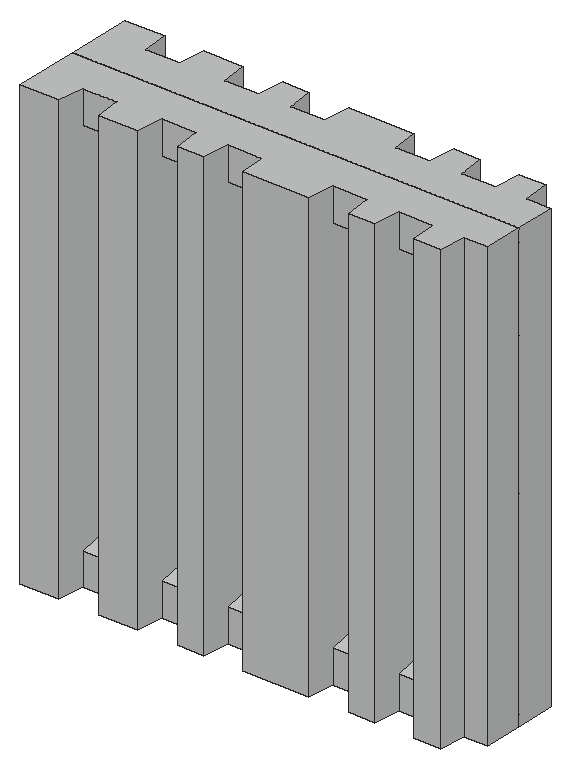
Revit family "SARINNO", category Curtain Panels, Revit 2019
Family settings
  OmniClass Number = 23.25.20.14.11.11.17
  OmniClass Title = Infill Panels
  Always vertical = Yes
  Cut with Voids When Loaded = No
  Shared = No
Parameters
  Material en Concreto = Concreto ladrillo
Reference planes (m)
  plane 1 "Centro (Frontal/Posterior)": y = 0
  plane 2: z = 0
  plane 3 "Centro (Izquierda/Derecha)": x = 0
  plane 4 "Izquierda": x = -1.5
  plane 5 "Derecha": x = 1.5
  plane 6 "Parte superior": z = 4
Forms (m)
  Extrusion 1, solid, material "Concreto ladrillo"
    sketch origin (0, -0.05, 0) x (1, 0, 0) y (0, 1, 0)
      loop
        line (0, 0.1) -> (0, 0.05) -> (0.34, 0.05) -> (0.34, 0.08) -> (0.322, 0.08) -> (0.32, 0.1) -> (0.3, 0.1) -> (0.298, 0.08) -> (0.272, 0.08) -> (0.27, 0.1) -> (0.25, 0.1) -> (0.248, 0.08) -> (0.222, 0.08) -> (0.22, 0.1) -> (0.17, 0.1) -> (0.168, 0.08) -> (0.142, 0.08) -> (0.14, 0.1) -> (0.12, 0.1) -> (0.118, 0.08) -> (0.092, 0.08) -> (0.09, 0.1) -> (0.06, 0.1) -> (0.058, 0.08) -> (0.032, 0.08) -> (0.03, 0.1) -> (0, 0.1)
    from 0 to 0.34
  Blend 2, void
    base sketch origin (-0.000313, 0.05, 0) x (1, 0, 0) y (0, 0, -1)
      loop
        line (0.035373, -0.305) -> (0.055373, -0.305) -> (0.055373, -0.035) -> (0.035373, -0.035) -> (0.035373, -0.305)
    top sketch origin (-0.000313, 0.05, 0) x (1, 0, 0) y (0, 0, -1)
      loop
        line (0.032373, -0.315) -> (0.058373, -0.315) -> (0.058373, -0.025) -> (0.032373, -0.025) -> (0.032373, -0.315)
    from -0.05 to -0.02
  Blend 3, void
    base sketch origin (0.059687, 0.05, 0) x (1, 0, 0) y (0, 0, -1)
      loop
        line (0.035373, -0.305) -> (0.055373, -0.305) -> (0.055373, -0.035) -> (0.035373, -0.035) -> (0.035373, -0.305)
    top sketch origin (0.059687, 0.05, 0) x (1, 0, 0) y (0, 0, -1)
      loop
        line (0.032373, -0.315) -> (0.058373, -0.315) -> (0.058373, -0.025) -> (0.032373, -0.025) -> (0.032373, -0.315)
    from -0.05 to -0.02
  Blend 4, void
    base sketch origin (0.109687, 0.05, 0) x (1, 0, 0) y (0, 0, -1)
      loop
        line (0.035373, -0.305) -> (0.055373, -0.305) -> (0.055373, -0.035) -> (0.035373, -0.035) -> (0.035373, -0.305)
    top sketch origin (0.109687, 0.05, 0) x (1, 0, 0) y (0, 0, -1)
      loop
        line (0.032373, -0.315) -> (0.058373, -0.315) -> (0.058373, -0.025) -> (0.032373, -0.025) -> (0.032373, -0.315)
    from -0.05 to -0.02
  Blend 5, void
    base sketch origin (0.189687, 0.05, 0) x (1, 0, 0) y (0, 0, -1)
      loop
        line (0.035373, -0.305) -> (0.055373, -0.305) -> (0.055373, -0.035) -> (0.035373, -0.035) -> (0.035373, -0.305)
    top sketch origin (0.189687, 0.05, 0) x (1, 0, 0) y (0, 0, -1)
      loop
        line (0.032373, -0.315) -> (0.058373, -0.315) -> (0.058373, -0.025) -> (0.032373, -0.025) -> (0.032373, -0.315)
    from -0.05 to -0.02
  Blend 6, void
    base sketch origin (0.239687, 0.05, 0) x (1, 0, 0) y (0, 0, -1)
      loop
        line (0.035373, -0.305) -> (0.055373, -0.305) -> (0.055373, -0.035) -> (0.035373, -0.035) -> (0.035373, -0.305)
    top sketch origin (0.239687, 0.05, 0) x (1, 0, 0) y (0, 0, -1)
      loop
        line (0.032373, -0.315) -> (0.058373, -0.315) -> (0.058373, -0.025) -> (0.032373, -0.025) -> (0.032373, -0.315)
    from -0.05 to -0.02
  Extrusion 7, solid, material "Concreto ladrillo"
    sketch origin (0, 0.05, 0) x (1, 0, 0) y (0, 1, 0)
      loop
        line (0, -0.1) -> (0.03, -0.1) -> (0.032, -0.08) -> (0.058, -0.08) -> (0.06, -0.1) -> (0.09, -0.1) -> (0.092, -0.08) -> (0.118, -0.08) -> (0.12, -0.1) -> (0.14, -0.1) -> (0.142, -0.08) -> (0.168, -0.08) -> (0.17, -0.1) -> (0.22, -0.1) -> (0.222, -0.08) -> (0.248, -0.08) -> (0.25, -0.1) -> (0.27, -0.1) -> (0.272, -0.08) -> (0.298, -0.08) -> (0.3, -0.1) -> (0.32, -0.1) -> (0.322, -0.08) -> (0.34, -0.08) -> (0.34, -0.05) -> (0, -0.05) -> (0, -0.1)
    from 0 to 0.34
  Blend 8, void
    base sketch origin (-0.000313, -0.05, 0) x (1, 0, 0) y (0, 0, 1)
      loop
        line (0.035373, 0.305) -> (0.035373, 0.035) -> (0.055373, 0.035) -> (0.055373, 0.305) -> (0.035373, 0.305)
    top sketch origin (-0.000313, -0.05, 0) x (1, 0, 0) y (0, 0, 1)
      loop
        line (0.032373, 0.315) -> (0.032373, 0.025) -> (0.058373, 0.025) -> (0.058373, 0.315) -> (0.032373, 0.315)
    from -0.05 to -0.02
  Blend 9, void
    base sketch origin (0.059687, -0.05, 0) x (1, 0, 0) y (0, 0, 1)
      loop
        line (0.035373, 0.305) -> (0.035373, 0.035) -> (0.055373, 0.035) -> (0.055373, 0.305) -> (0.035373, 0.305)
    top sketch origin (0.059687, -0.05, 0) x (1, 0, 0) y (0, 0, 1)
      loop
        line (0.032373, 0.315) -> (0.032373, 0.025) -> (0.058373, 0.025) -> (0.058373, 0.315) -> (0.032373, 0.315)
    from -0.05 to -0.02
  Blend 10, void
    base sketch origin (0.109687, -0.05, 0) x (1, 0, 0) y (0, 0, 1)
      loop
        line (0.035373, 0.305) -> (0.035373, 0.035) -> (0.055373, 0.035) -> (0.055373, 0.305) -> (0.035373, 0.305)
    top sketch origin (0.109687, -0.05, 0) x (1, 0, 0) y (0, 0, 1)
      loop
        line (0.032373, 0.315) -> (0.032373, 0.025) -> (0.058373, 0.025) -> (0.058373, 0.315) -> (0.032373, 0.315)
    from -0.05 to -0.02
  Blend 11, void
    base sketch origin (0.189687, -0.05, 0) x (1, 0, 0) y (0, 0, 1)
      loop
        line (0.035373, 0.305) -> (0.035373, 0.035) -> (0.055373, 0.035) -> (0.055373, 0.305) -> (0.035373, 0.305)
    top sketch origin (0.189687, -0.05, 0) x (1, 0, 0) y (0, 0, 1)
      loop
        line (0.032373, 0.315) -> (0.032373, 0.025) -> (0.058373, 0.025) -> (0.058373, 0.315) -> (0.032373, 0.315)
    from -0.05 to -0.02
  Blend 12, void
    base sketch origin (0.239687, -0.05, 0) x (1, 0, 0) y (0, 0, 1)
      loop
        line (0.035373, 0.305) -> (0.035373, 0.035) -> (0.055373, 0.035) -> (0.055373, 0.305) -> (0.035373, 0.305)
    top sketch origin (0.239687, -0.05, 0) x (1, 0, 0) y (0, 0, 1)
      loop
        line (0.032373, 0.315) -> (0.032373, 0.025) -> (0.058373, 0.025) -> (0.058373, 0.315) -> (0.032373, 0.315)
    from -0.05 to -0.02
Cuts and joins
  Blend 2, Blend 3, Blend 4, Blend 5, Blend 6, Blend 8 cuts Extrusion 1
  Blend 8, Blend 9, Blend 10, Blend 11, Blend 12 cuts Extrusion 7
Text (m)
  text "Exterior" at (-2.45384, 1.416179, 0), in view "Nivel de referencia"
  text "Exterior" at (0, 2.290741, 4.406713), in view "Izquierda"
  text "Exterior" at (0, 1.328187, 4.120349), in view "Derecha"
Dimensions and locks (m)
  equal spacing: plane 4 "Izquierda", plane 3 "Centro (Izquierda/Derecha)", plane 5 "Derecha"
  aligned and locked: level to plane 2
Automatic sketch dimensions
  Extrusion 1 sketch curve to plane 3 "Centro (Izquierda/Derecha)" = 0.000 m
  Extrusion 1 sketch curve to Extrusion 1 sketch curve = 0.030 m  (x3)
  Extrusion 1 sketch curve to Extrusion 1 sketch curve = 0.002 m  (x11)
  Extrusion 1 sketch curve to Extrusion 1 sketch curve = 0.026 m  (x5)
  Extrusion 1 sketch curve to Extrusion 1 sketch curve = 0.020 m  (x7)
  Extrusion 1 sketch curve to plane 1 "Centro (Frontal/Posterior)" = 0.050 m  (x2)
  Extrusion 1 sketch curve to Extrusion 1 sketch curve = 0.050 m
  Extrusion 1 sketch curve to plane 1 "Centro (Frontal/Posterior)" = 0.030 m  (x4)
  Extrusion 1 sketch curve to Extrusion 1 sketch curve = 0.018 m
  Extrusion 1 sketch curve to Extrusion 1 sketch curve = 0.000 m  (x2)
  plane 3 "Centro (Izquierda/Derecha)" to Blend 2 sketch curve = 0.035061 m
  Blend 2 sketch curve to Blend 2 sketch curve = 0.020 m
  level to Blend 2 sketch curve = 0.305 m
  level to Blend 2 sketch curve = 0.035 m
  plane 3 "Centro (Izquierda/Derecha)" to Blend 2 sketch curve = 0.032061 m
  Blend 2 sketch curve to Blend 2 sketch curve = 0.026 m
  level to Blend 2 sketch curve = 0.315 m
  level to Blend 2 sketch curve = 0.025 m
  level to Blend 3 sketch curve = 0.035 m
  plane 3 "Centro (Izquierda/Derecha)" to Blend 3 sketch curve = 0.095061 m
  Blend 3 sketch curve to Blend 3 sketch curve = 0.020 m
  Blend 3 sketch curve to Blend 3 sketch curve = 0.270 m
  level to Blend 3 sketch curve = 0.025 m
  plane 3 "Centro (Izquierda/Derecha)" to Blend 3 sketch curve = 0.092061 m
  Blend 3 sketch curve to Blend 3 sketch curve = 0.026 m
  Blend 3 sketch curve to Blend 3 sketch curve = 0.290 m
  level to Blend 4 sketch curve = 0.035 m
  plane 3 "Centro (Izquierda/Derecha)" to Blend 4 sketch curve = 0.145061 m
  Blend 4 sketch curve to Blend 4 sketch curve = 0.020 m
  Blend 4 sketch curve to Blend 4 sketch curve = 0.270 m
  level to Blend 4 sketch curve = 0.025 m
  plane 3 "Centro (Izquierda/Derecha)" to Blend 4 sketch curve = 0.142061 m
  Blend 4 sketch curve to Blend 4 sketch curve = 0.026 m
  Blend 4 sketch curve to Blend 4 sketch curve = 0.290 m
  level to Blend 5 sketch curve = 0.035 m
  plane 3 "Centro (Izquierda/Derecha)" to Blend 5 sketch curve = 0.225061 m
  Blend 5 sketch curve to Blend 5 sketch curve = 0.020 m
  Blend 5 sketch curve to Blend 5 sketch curve = 0.270 m
  level to Blend 5 sketch curve = 0.025 m
  plane 3 "Centro (Izquierda/Derecha)" to Blend 5 sketch curve = 0.222061 m
  Blend 5 sketch curve to Blend 5 sketch curve = 0.026 m
  Blend 5 sketch curve to Blend 5 sketch curve = 0.290 m
  level to Blend 6 sketch curve = 0.035 m
  plane 3 "Centro (Izquierda/Derecha)" to Blend 6 sketch curve = 0.275061 m
  Blend 6 sketch curve to Blend 6 sketch curve = 0.020 m
  Blend 6 sketch curve to Blend 6 sketch curve = 0.270 m
  level to Blend 6 sketch curve = 0.025 m
  plane 3 "Centro (Izquierda/Derecha)" to Blend 6 sketch curve = 0.272061 m
  Blend 6 sketch curve to Blend 6 sketch curve = 0.026 m
  Blend 6 sketch curve to Blend 6 sketch curve = 0.290 m
  Extrusion 7 sketch curve to plane 1 "Centro (Frontal/Posterior)" = 0.050 m  (x6)
  Extrusion 7 sketch curve to plane 3 "Centro (Izquierda/Derecha)" = 0.000 m
  Extrusion 7 sketch curve to plane 3 "Centro (Izquierda/Derecha)" = 0.030 m
  Extrusion 7 sketch curve to Extrusion 7 sketch curve = 0.002 m  (x11)
  Extrusion 7 sketch curve to Extrusion 7 sketch curve = 0.026 m  (x5)
  Extrusion 7 sketch curve to Extrusion 7 sketch curve = 0.030 m  (x2)
  Extrusion 7 sketch curve to plane 1 "Centro (Frontal/Posterior)" = 0.030 m  (x6)
  Extrusion 7 sketch curve to Extrusion 7 sketch curve = 0.020 m  (x3)
  Extrusion 7 sketch curve to Extrusion 7 sketch curve = 0.050 m
  Extrusion 7 sketch curve to Extrusion 7 sketch curve = 0.018 m
  plane 3 "Centro (Izquierda/Derecha)" to Blend 8 sketch curve = 0.035061 m
  Blend 8 sketch curve to Blend 8 sketch curve = 0.020 m
  level to Blend 8 sketch curve = 0.035 m
  Blend 8 sketch curve to Blend 8 sketch curve = 0.270 m
  plane 3 "Centro (Izquierda/Derecha)" to Blend 8 sketch curve = 0.032061 m
  Blend 8 sketch curve to Blend 8 sketch curve = 0.026 m
  level to Blend 8 sketch curve = 0.025 m
  Blend 8 sketch curve to Blend 8 sketch curve = 0.290 m
  level to Blend 9 sketch curve = 0.035 m
  plane 3 "Centro (Izquierda/Derecha)" to Blend 9 sketch curve = 0.095061 m
  Blend 9 sketch curve to Blend 9 sketch curve = 0.020 m
  Blend 9 sketch curve to Blend 9 sketch curve = 0.270 m
  level to Blend 9 sketch curve = 0.025 m
  plane 3 "Centro (Izquierda/Derecha)" to Blend 9 sketch curve = 0.092061 m
  Blend 9 sketch curve to Blend 9 sketch curve = 0.026 m
  Blend 9 sketch curve to Blend 9 sketch curve = 0.290 m
  level to Blend 10 sketch curve = 0.035 m
  plane 3 "Centro (Izquierda/Derecha)" to Blend 10 sketch curve = 0.145061 m
  Blend 10 sketch curve to Blend 10 sketch curve = 0.020 m
  Blend 10 sketch curve to Blend 10 sketch curve = 0.270 m
  level to Blend 10 sketch curve = 0.025 m
  plane 3 "Centro (Izquierda/Derecha)" to Blend 10 sketch curve = 0.142061 m
  Blend 10 sketch curve to Blend 10 sketch curve = 0.026 m
  Blend 10 sketch curve to Blend 10 sketch curve = 0.290 m
  level to Blend 11 sketch curve = 0.035 m
  plane 3 "Centro (Izquierda/Derecha)" to Blend 11 sketch curve = 0.225061 m
  Blend 11 sketch curve to Blend 11 sketch curve = 0.020 m
  Blend 11 sketch curve to Blend 11 sketch curve = 0.270 m
  level to Blend 11 sketch curve = 0.025 m
  plane 3 "Centro (Izquierda/Derecha)" to Blend 11 sketch curve = 0.222061 m
  Blend 11 sketch curve to Blend 11 sketch curve = 0.026 m
  Blend 11 sketch curve to Blend 11 sketch curve = 0.290 m
  level to Blend 12 sketch curve = 0.035 m
  plane 3 "Centro (Izquierda/Derecha)" to Blend 12 sketch curve = 0.275061 m
  Blend 12 sketch curve to Blend 12 sketch curve = 0.020 m
  Blend 12 sketch curve to Blend 12 sketch curve = 0.270 m
  level to Blend 12 sketch curve = 0.025 m
  plane 3 "Centro (Izquierda/Derecha)" to Blend 12 sketch curve = 0.272061 m
  Blend 12 sketch curve to Blend 12 sketch curve = 0.026 m
  Blend 12 sketch curve to Blend 12 sketch curve = 0.290 m
